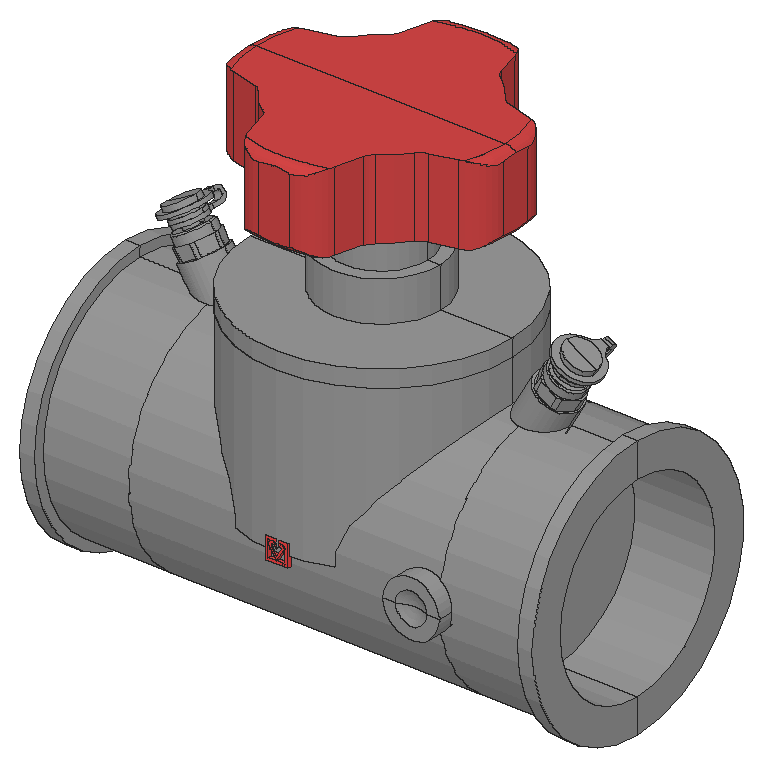
Revit family "HERZ Strömax клапан балансировочный с измерительными клапанами 4217 GM", category Rohrzubehör, Revit 2018
Family settings
  Bemaßung runder Anschluss = Durchmesser verwenden
  Teiletyp = Unterbricht
  OmniClass-Nummer = 23.65.55.14
  OmniClass-Titel = Valves for Liquid Services
  Arbeitsebenenbasiert = Nein
  Immer vertikal = Ja
  Beim Laden mit Abzugskörper schneiden = Nein
  Gemeinsam genutzt = Nein
Parameters
  Среда = "Качество теплоносителя в соответствии с ÖNORM H5195 и VDI 2035.\r\nДопускается использование этилен- и пропиленгликоля в соотношении 25-50% с водой."
  Положение клапана при монтаже = "Неподнимающийся шпиндель, расположенный перпендикулярно оси клапана, обеспечивает доступность и лёгкость в обслуживании в любом монтажном положении."
  Область применения = "Балансировочные клапаны применяются для гидравлической балансировки систем отопления и охлаждения, регулировки магистральных трубопроводов, стояков, теплообменников, регистров отопления и охлаждения."
  Номер заказа [instance] = size_lookup("4217_GM_", "Artnr", 0, Nennweite)  # 1421708
  Макс. рабочее давление = 1600000.0 Pa  # constant formula
  Макс. рабочая температура (с DN40) = 110 °C  # constant formula
  Макс. рабочая температура (до DN32) = 130 °C  # constant formula
  Корпус = "латунь, устойчивая к селективной цинковой коррозии"  # constant formula
  Исполнение = "STRÖMAX-GM Балансировочный клапан с измерительными клапанами, 1/2′′ – 3′′.\r\nИсполнение с прямым невыдвижным шпинделем, муфта х муфта, латунный корпус без покрытия, уплотнение шпинделя двойным кольцевым уплотнением O-Ring, преднастройка посредством ограничения хода внутреннего шпинделя, цифровые показания степени настройки отображаются в окне маховика.\r\nДва измерительных клапана расположены рядом с маховиком."
  Измерение перепада давления = "Клапаны STRÖMAX-GM оснащен двумя измерительными клапанами:\r\nс помощью измерительного прибора можно измерить перепад давления и по нему определить текущий расход в зависимости от степени преднастройки.\r\nHERZ Измерительный компьютер (1 8900 05) позволяет напрямую считывать расход (см. руководство к измерительным приборам)."
  kvs-значения [instance] = if(Nennweite = 15.00 mm, 6.05, if(Nennweite = 20.00 mm, 6.11, if(Nennweite = 25.00 mm, 9.22, if(Nennweite = 32.00 mm, 18.83, if(Nennweite = 40.00 mm, 23.29, if(Nennweite = 50.00 mm, 35.26, if(Nennweite = 65.00 mm, 52.11, if(Nennweite = 80.00 mm, 76.1, 0))))))))  # 76.1
  W02 = 60.00°  # constant formula
  W01 = 30.00°  # constant formula
  URL = "www.herz-armaturen.ru"
  SC_NennweiteBerechnet = 0
  SC_Dimension = ""
  SCRNSEQ = "ARM;ARM_TYP=\"STRV\";2"
  SCRNCODE = "05;07;02"  # constant formula
  S02 = 60.00 mm  # constant formula
  S01 [instance] = H00 + H01  # 119.31 mm
  R01 [instance] = size_lookup("4217_GM_", "R1", 1.00 mm, Nennweite)  # 53.00 mm
  Nennweite [instance] = 80.00 mm
  ML02 [instance] = size_lookup("4217_GM_", "ML2", 1.00 mm, Nennweite)  # 70.50 mm
  ML01 [instance] = size_lookup("4217_GM_", "ML1", 1.00 mm, Nennweite)  # 37.35 mm
  MD01 = 9.50 mm  # constant formula
  L02 [instance] = size_lookup("4217_GM_", "L2", 1.00 mm, Nennweite)  # 6.00 mm
  L01 [instance] = size_lookup("4217_GM_", "L1", 1.00 mm, Nennweite)  # 41.30 mm
  L00 [instance] = size_lookup("4217_GM_", "L", 1.00 mm, Nennweite)  # 210.00 mm
  IG [instance] = Nennweite / 2  # 40.00 mm
  Hersteller = "HERZ Armaturen Ges.m.b.H."  # constant formula
  H04 [instance] = size_lookup("4217_GM_", "H4", 1.00 mm, Nennweite)  # 19.00 mm
  H03 = 10.00 mm  # constant formula
  H02 [instance] = size_lookup("4217_GM_", "H2", 1.00 mm, Nennweite)  # 7.00 mm
  H01 [instance] = size_lookup("4217_GM_", "H1", 1.00 mm, Nennweite)  # 52.60 mm
  H00 [instance] = size_lookup("4217_GM_", "H", 1.00 mm, Nennweite)  # 66.71 mm
  Вес [instance] = if(Nennweite = 15.00 mm, "0.85 kg", if(Nennweite = 20.00 mm, "1.22 kg", if(Nennweite = 25.00 mm, "1.55 kg", if(Nennweite = 32.00 mm, "1.88 kg", if(Nennweite = 40.00 mm, "2.34 kg", if(Nennweite = 50.00 mm, "3.74 kg", if(Nennweite = 65.00 mm, "5.23 kg", if(Nennweite = 80.00 mm, "6.97 kg", "0 kg"))))))))  # "6.97 kg"
  GT [instance] = size_lookup("4217_GM_", "GT", 1.00 mm, Nennweite)  # 33.30 mm
  DN80 [instance] = Nennweite = 80.00 mm  # yes
  DN65 [instance] = Nennweite = 65.00 mm  # no
  DN50_DN80 [instance] = or(Nennweite = 50.00 mm, Nennweite = 65.00 mm, Nennweite = 80.00 mm)  # yes
  DN50-DN80 [instance] = H00 + H01  # 119.31 mm
  DN50 [instance] = Nennweite = 50.00 mm  # no
  DN40 [instance] = Nennweite = 40.00 mm  # no
  DN32 [instance] = Nennweite = 32.00 mm  # no
  DN25 [instance] = Nennweite = 25.00 mm  # no
  DN20 [instance] = Nennweite = 20.00 mm  # no
  DN15_DN40 [instance] = or(Nennweite = 15.00 mm, Nennweite = 20.00 mm, Nennweite = 25.00 mm, Nennweite = 32.00 mm, Nennweite = 40.00 mm)  # no
  DN15-DN40 [instance] = H00 + H01  # 119.31 mm
  DN15 [instance] = Nennweite = 15.00 mm  # no
  D06 [instance] = size_lookup("4217_GM_", "D6", 1.00 mm, Nennweite)  # 24.30 mm
  D05 [instance] = size_lookup("4217_GM_", "D5", 1.00 mm, Nennweite)  # 19.00 mm
  D04 = 9.00 mm  # constant formula
  D03 [instance] = size_lookup("4217_GM_", "D3", 1.00 mm, Nennweite)  # 53.80 mm
  D02 [instance] = size_lookup("4217_GM_", "D2", 1.00 mm, Nennweite)  # 54.00 mm
  D01 [instance] = size_lookup("4217_GM_", "D1", 1.00 mm, Nennweite)  # 50.00 mm
Reference planes
  plane 1 "Mitte (Vorne/hinten)": y = 0
  plane 2: z = 0
  plane 3 "Mitte (Links/rechts)": x = 0
Forms (mm)
  Revolve 1, solid, material "Messing, weicher Gelbton, geschweißt", detail levels fine
    sketch origin (0, 0, 0) x (1, 0, 0) y (0, 0, 1)
      loop
        line (-105, 54) -> (-105, 40) -> (-71.7, 40) -> (-71.7, 0) -> (71.7, 0) -> (71.7, 40) -> (105, 40) -> (105, 54) -> (99, 54) -> (99, 50) -> (63.7, 50)
        arc (63.7, 50) -> (0, 53) -> (-63.7, 50) r 677.782
        line (-63.7, 50) -> (-99, 50) -> (-99, 54) -> (-105, 54)
      axis (-105, 0) -> (105, 0)
    angle from 0 to 360
  Revolve 2, solid, material "Messing, weicher Gelbton, geschweißt", detail levels fine
    sketch origin (0, 0, 0) x (1, 0, 0) y (0, 0, 1)
      loop
        line (37.35, 0) -> (72.6, 61.055) -> (64.373, 65.805) -> (29.123, 4.75) -> (37.35, 0)
      axis (37.35, 0) -> (72.6, 61.055)
    angle from 0 to 360
  Revolve 3, solid, material "Messing, weicher Gelbton, geschweißt", detail levels fine
    sketch origin (0, 0, 0) x (1, 0, 0) y (0, 0, 1)
      loop
        line (0, 0) -> (0, 66.71) -> (-53.8, 66.71) -> (-53.8, 0) -> (0, 0)
      axis (0, 66.71) -> (0, 0)
    angle from 0 to 360
  Revolve 4, solid, material "Messing, weicher Gelbton, geschweißt", detail levels fine
    sketch origin (0, 0, 0) x (-1, 0, 0) y (0, 0, 1)
      loop
        line (37.35, 0) -> (72.6, 61.055) -> (64.373, 65.805) -> (29.123, 4.75) -> (37.35, 0)
      axis (37.35, 0) -> (72.6, 61.055)
    angle from 0 to 360
  Revolve 5, solid, material "Messing, weicher Gelbton, geschweißt", visible <- "DN65", detail levels fine
    sketch origin (0, 0, 0) x (1, 0, 0) y (0, 1, 0)
      loop
        line (60, 47.945) -> (60, -47.945)
        arc (60, -47.945) -> (63.368, -48.598) -> (66.5, -50) r 15
        line (66.5, -50) -> (71.5, -50) -> (71.5, 50) -> (66.5, 50)
        arc (66.5, 50) -> (63.368, 48.598) -> (60, 47.945) r 15
      axis (60, 50) -> (60, -50)
    angle from 0 to 360
  Revolve 6, solid, material "Messing, weicher Gelbton, geschweißt", detail levels fine
    sketch origin (0, 0, 0) x (1, 0, 0) y (0, 0, 1)
      loop
        line (0, 66.71) -> (0, 119.31) -> (-9, 119.31) -> (-9, 109.31) -> (-19, 109.31) -> (-19, 90.31) -> (-24.3, 90.31) -> (-24.3, 73.71) -> (-53.8, 73.71) -> (-53.8, 66.71) -> (0, 66.71)
      axis (0, 119.31) -> (0, 66.71)
    angle from 0 to 360
  Revolve 7, solid, material "Messing, weicher Gelbton, geschweißt", visible <- "DN80", detail levels fine
    sketch origin (0, 0, 0) x (1, 0, 0) y (0, 1, 0)
      loop
        line (57, 53.945) -> (57, -53.945)
        arc (57, -53.945) -> (60.368, -54.598) -> (63.5, -56) r 15
        line (63.5, -56) -> (68.5, -56) -> (68.5, 56) -> (63.5, 56)
        arc (63.5, 56) -> (60.368, 54.598) -> (57, 53.945) r 15
      axis (57, 56) -> (57, -56)
    angle from 0 to 360
Lines and regions (mm)
  model lines, detail levels coarse+medium
    curve 1: line (-105, 0, 54) -> (-105, 0, -54)
    curve 2: line (-105, 0, -54) -> (105, 0, 54)
    curve 3: line (105, 0, 54) -> (105, 0, -54)
    curve 4: line (105, 0, -54) -> (-105, 0, 54)
    curve 5: line (0, 0, 0) -> (68.884, 0, 119.31)
    curve 6: line (42.903, 0, 134.31) -> (94.864, 0, 104.31)
    curve 7: line (-105, 54, 0) -> (-105, -54, 0)
    curve 8: line (-105, -54, 0) -> (105, 54, 0)
    curve 9: line (105, 54, 0) -> (105, -54, 0)
    curve 10: line (105, -54, 0) -> (-105, 54, 0)
    curve 11: line (0, 0, 0) -> (68.884, 119.31, 0)
    curve 12: line (42.903, 134.31, 0) -> (94.864, 104.31, 0)
Dimensions and locks
  "IG": Revolve 1 sketch curve to plane 2
  "GT": Revolve 1 sketch curve to Revolve 1 sketch curve  (x2)
  "IG": Revolve 1 sketch curve to Revolve 1 sketch curve
  "D01": Revolve 1 sketch curve to Revolve 1 sketch curve  (x2)
  "R01": Revolve 1 sketch curve to Revolve 1 sketch curve
  "L02": Revolve 1 sketch curve to Revolve 1 sketch curve  (x2)
  "L01": Revolve 1 sketch curve to Revolve 1 sketch curve  (x2)
  "D02": Revolve 1 sketch curve to plane 2  (x2)
  equal spacing: Revolve 1 sketch curve, plane 3 "Mitte (Links/rechts)", Revolve 1 sketch curve
  "L00": Revolve 1 sketch curve to Revolve 1 sketch curve
  "R01": nested 1 to plane 1 "Mitte (Vorne/hinten)"
  "ML01": Revolve 2 sketch curve to plane 3 "Mitte (Links/rechts)"
  "H00": Revolve 3 sketch curve to plane 2
  "D03": Revolve 3 sketch curve to Revolve 3 sketch curve
  "ML02": Revolve 2 sketch curve to Revolve 2 sketch curve
  "MD01": Revolve 2 sketch curve to Revolve 2 sketch curve  (x2)
  "ML02": Revolve 4 sketch curve to Revolve 4 sketch curve
  "MD01": Revolve 4 sketch curve to Revolve 4 sketch curve  (x2)
  "ML01": plane 3 "Mitte (Links/rechts)" to Revolve 4 sketch curve
  Revolve 5 sketch curve to Revolve 1 = 45.00 mm
  Revolve 5 sketch curve to Revolve 5 sketch curve = 11.50 mm  (x2)
  Revolve 5 sketch curve to plane 1 "Mitte (Vorne/hinten)" to Revolve 5 sketch curve = 50.00 mm, 50.00 mm
  "H00": Revolve 6 sketch curve to plane 2
  "H01": Revolve 6 sketch curve to Revolve 6 sketch curve
  "D04": Revolve 6 sketch curve to Revolve 6 sketch curve
  "D03": Revolve 6 sketch curve to Revolve 6 sketch curve
  "D05": Revolve 6 sketch curve to Revolve 6 sketch curve
  "D06": Revolve 6 sketch curve to Revolve 6 sketch curve
  "H02": Revolve 6 sketch curve to Revolve 6 sketch curve
  "H03": Revolve 6 sketch curve to Revolve 6 sketch curve
  "H04": Revolve 6 sketch curve to Revolve 6 sketch curve
  Revolve 7 sketch curve to Revolve 1 = 48.00 mm
  Revolve 7 sketch curve to Revolve 7 sketch curve = 11.50 mm  (x2)
  Revolve 7 sketch curve to plane 1 "Mitte (Vorne/hinten)" to Revolve 7 sketch curve = 56.00 mm, 56.00 mm
  "DN15-DN40": nested 2 to plane 2
  "DN50-DN80": nested 3 to plane 2
  "D02": curve 4 to plane 2 to curve 2
  "D02": curve 3 to plane 2 to curve 4
  equal spacing: curve 1, plane 3 "Mitte (Links/rechts)", curve 3
  "L00": curve 1 to curve 3
  equal spacing: Revolve 1, curve 5, Revolve 1
  "S01": curve 5 to plane 2
  equal spacing: curve 6, curve 5, curve 6
  "S02": curve 6 to curve 6
  "D02": curve 8 to plane 1 "Mitte (Vorne/hinten)" to curve 10
  "D02": curve 10 to plane 1 "Mitte (Vorne/hinten)" to curve 9
  equal spacing: curve 7, plane 3 "Mitte (Links/rechts)", curve 9
  "L00": curve 7 to curve 9
  equal spacing: curve 7, curve 11, curve 9
  "S01": plane 1 "Mitte (Vorne/hinten)" to curve 11
  equal spacing: curve 12, curve 11, curve 12
  "S02": curve 12 to curve 12
  radius of Revolve 5 sketch curve = 15.00 mm  (x2)
  radius of Revolve 7 sketch curve = 15.00 mm  (x2)
  "W01": angle Revolve 2 sketch curve to plane 3 "Mitte (Links/rechts)"  (x2)
  "W01": angle plane 3 "Mitte (Links/rechts)" to Revolve 4 sketch curve  (x2)
  "W02": angle plane 2 to curve 5
  "W02": angle plane 1 "Mitte (Vorne/hinten)" to curve 11
  aligned and locked: level to plane 2
Automatic sketch dimensions
  Revolve 5 sketch curve to Revolve 5 sketch curve = 1.153 mm  (x2)
  Revolve 5 sketch curve to Revolve 5 sketch curve = 5.00 mm  (x2)
  Revolve 5 sketch curve to Revolve 5 sketch curve = 2.854 mm  (x2)
  Revolve 7 sketch curve to Revolve 7 sketch curve = 1.153 mm  (x2)
  Revolve 7 sketch curve to Revolve 7 sketch curve = 5.00 mm  (x2)
  Revolve 7 sketch curve to Revolve 7 sketch curve = 8.854 mm  (x2)
  Revolve 1 sketch curve to level = 0.00 mm  (x2)
  Revolve 1 sketch curve to Revolve 1 sketch curve = 1429.986 mm
  Revolve 1 sketch curve to Revolve 1 sketch curve = 1762.604 mm
  Revolve 2 sketch curve to level = 0.00 mm  (x2)
  Revolve 3 sketch curve to level = 0.00 mm
  Revolve 3 sketch curve to plane 3 "Mitte (Links/rechts)" = 0.00 mm  (x2)
  Revolve 3 sketch curve to Revolve 3 sketch curve = 366.045 mm
  Revolve 3 sketch curve to Revolve 3 sketch curve = 2179.415 mm
  Revolve 4 sketch curve to level = 0.00 mm  (x2)
  Revolve 6 sketch curve to plane 3 "Mitte (Links/rechts)" = 0.00 mm  (x2)
  Revolve 6 sketch curve to level = 366.045 mm
  Revolve 6 sketch curve to Revolve 6 sketch curve = 2146.115 mm
Nested families
  nested 1: "Herz-Logo-vorne" at (0, -53, 0) x (0, 1, 0) z (0, 0, 1), type "Herz-Logo-vorne", detail levels fine
  nested 2: "Strangregulierventil-Handrad-Gerade (Rot) DN15-DN40" at (0, 0, 119.31), visible <- "DN15_DN40", type "Strangregulierventil-Handrad-Gerade (Rot) DN15-DN40", detail levels fine
    with Nennweite 0.00 mm, Gewicht 0.00 kg, Bestellnummer 0
  nested 3: "Strangregulierventil-Handrad-Gerade (Rot) DN50-DN80" at (0, 0, 119.31), visible <- "DN50_DN80", type "Strangregulierventil-Handrad-Gerade (Rot) DN50-DN80", detail levels fine
    with Nennweite 0.00 mm, Gewicht 0.00 kg, Bestellnummer 0
  nested 4: "Messstutzen_Band_Austritt_30Grad_(oben)" at (47.24, 0, 34.901), visible <- "DN50", type "Messstutzen_Band_Austritt_30Grad_(oben)", detail levels fine
    with Schutzkappe yes, Nennweite 0.00 mm, Gewicht 0.00 kg, Bestellnummer 0
  nested 5: "Messstutzen_Band_Eintritt_30Grad_(oben)" at (-47.24, 0, 34.901) x (-1, 0, 0) z (0, 0, 1), visible <- "DN50", type "Messstutzen_Band_Eintritt_30Grad_(oben)", detail levels fine
    with Schutzkappe yes, Nennweite 0.00 mm, Gewicht 0.00 kg, Bestellnummer 0
  nested 6: "Messstutzen_Band_Austritt_30Grad_(oben)" at (27.02, 0, 10.999), visible <- "DN15", type "Messstutzen_Band_Austritt_30Grad_(oben)", detail levels fine
    with Schutzkappe yes, Nennweite 0.00 mm, Gewicht 0.00 kg, Bestellnummer 0
  nested 7: "Messstutzen_Band_Eintritt_30Grad_(oben)" at (-27.02, 0, 10.999) x (-1, 0, 0) z (0, 0, 1), visible <- "DN15", type "Messstutzen_Band_Eintritt_30Grad_(oben)", detail levels fine
    with Schutzkappe yes, Nennweite 0.00 mm, Gewicht 0.00 kg, Bestellnummer 0
  nested 8: "Messstutzen_Band_Eintritt_30Grad_(oben)" at (-24.855, 0, 13.553) x (-1, 0, 0) z (0, 0, 1), visible <- "DN20", type "Messstutzen_Band_Eintritt_30Grad_(oben)", detail levels fine
    with Schutzkappe yes, Nennweite 0.00 mm, Gewicht 0.00 kg, Bestellnummer 0
  nested 9: "Messstutzen_Band_Austritt_30Grad_(oben)" at (24.855, 0, 13.553), visible <- "DN20", type "Messstutzen_Band_Austritt_30Grad_(oben)", detail levels fine
    with Schutzkappe yes, Nennweite 0.00 mm, Gewicht 0.00 kg, Bestellnummer 0
  nested 10: "Messstutzen_Band_Eintritt_30Grad_(oben)" at (-29.265, 0, 17.883) x (-1, 0, 0) z (0, 0, 1), visible <- "DN25", type "Messstutzen_Band_Eintritt_30Grad_(oben)", detail levels fine
    with Schutzkappe yes, Nennweite 0.00 mm, Gewicht 0.00 kg, Bestellnummer 0
  nested 11: "Messstutzen_Band_Austritt_30Grad_(oben)" at (29.265, 0, 17.883), visible <- "DN25", type "Messstutzen_Band_Austritt_30Grad_(oben)", detail levels fine
    with Schutzkappe yes, Nennweite 0.00 mm, Gewicht 0.00 kg, Bestellnummer 0
  nested 12: "Messstutzen_Band_Eintritt_30Grad_(oben)" at (-37.74, 0, 24.595) x (-1, 0, 0) z (0, 0, 1), visible <- "DN32", type "Messstutzen_Band_Eintritt_30Grad_(oben)", detail levels fine
    with Schutzkappe yes, Nennweite 0.00 mm, Gewicht 0.00 kg, Bestellnummer 0
  nested 13: "Messstutzen_Band_Austritt_30Grad_(oben)" at (37.74, 0, 24.595), visible <- "DN32", type "Messstutzen_Band_Austritt_30Grad_(oben)", detail levels fine
    with Schutzkappe yes, Nennweite 0.00 mm, Gewicht 0.00 kg, Bestellnummer 0
  nested 14: "Messstutzen_Band_Eintritt_30Grad_(oben)" at (-42.8, 0, 28.665) x (-1, 0, 0) z (0, 0, 1), visible <- "DN40", type "Messstutzen_Band_Eintritt_30Grad_(oben)", detail levels fine
    with Schutzkappe yes, Nennweite 0.00 mm, Gewicht 0.00 kg, Bestellnummer 0
  nested 15: "Messstutzen_Band_Austritt_30Grad_(oben)" at (42.8, 0, 28.665), visible <- "DN40", type "Messstutzen_Band_Austritt_30Grad_(oben)", detail levels fine
    with Schutzkappe yes, Nennweite 0.00 mm, Gewicht 0.00 kg, Bestellnummer 0
  nested 16: "Messstutzen_Band_Eintritt_30Grad_(oben)" at (-54.5, 0, 38.105) x (-1, 0, 0) z (0, 0, 1), visible <- "DN65", type "Messstutzen_Band_Eintritt_30Grad_(oben)", detail levels fine
    with Schutzkappe yes, Nennweite 0.00 mm, Gewicht 0.00 kg, Bestellnummer 0
  nested 17: "Messstutzen_Band_Austritt_30Grad_(oben)" at (54.5, 0, 38.105), visible <- "DN65", type "Messstutzen_Band_Austritt_30Grad_(oben)", detail levels fine
    with Schutzkappe yes, Nennweite 0.00 mm, Gewicht 0.00 kg, Bestellnummer 0
  nested 18: "Messstutzen_Band_Eintritt_30Grad_(oben)" at (-63.85, 0, 45.899) x (-1, 0, 0) z (0, 0, 1), visible <- "DN80", type "Messstutzen_Band_Eintritt_30Grad_(oben)", detail levels fine
    with Schutzkappe yes, Nennweite 0.00 mm, Gewicht 0.00 kg, Bestellnummer 0
  nested 19: "Messstutzen_Band_Austritt_30Grad_(oben)" at (63.85, 0, 45.899), visible <- "DN80", type "Messstutzen_Band_Austritt_30Grad_(oben)", detail levels fine
    with Schutzkappe yes, Nennweite 0.00 mm, Gewicht 0.00 kg, Bestellnummer 0
Connectors
  piping at (-71.7, 0, 0), diameter 80, driven by "Nennweite"
    settings: on Revolve 1, index 1, connector inside diameter 609.6 mm, connector length 0.00 mm, flow factor 0, pipe flow 0.0 L/s, pressure drop 0.0 Pa, fitting loss kfactor 0, connector angle 0.00°, fixture units 0, engagement length 0.00 mm, angle of deflection 0.00°, flow configuration 0, flow direction 1, fitting loss method 0, system type 29, joint type 0, gender type 0, connector reference index -1, connector utility 0, adjustable connector no, is connector primary yes, connector description ""
  piping at (71.7, 0, 0), diameter 80, driven by "Nennweite"
    settings: on Revolve 1, index 2, connector inside diameter 609.6 mm, connector length 0.00 mm, flow factor 0, pipe flow 0.0 L/s, pressure drop 0.0 Pa, fitting loss kfactor 0, connector angle 0.00°, fixture units 0, engagement length 0.00 mm, angle of deflection 0.00°, flow configuration 0, flow direction 2, fitting loss method 0, system type 29, joint type 0, gender type 0, connector reference index -1, connector utility 0, adjustable connector no, is connector primary no, connector description ""
Definition of nested family "Herz-Logo-vorne"
  Reference planes
    plane 1 "Mitte (Vorne/hinten)": y = 0
    plane 2: z = 0
    plane 3 "Mitte (Links/rechts)": x = 0
  Forms (mm)
    Extrusion 1, solid
      sketch origin (0.732, -0.018, 0.017) x (0, -1, 0) y (0, 0, 1)
        loop
          line (-0.018, -4.517) -> (4.482, -4.517) -> (4.482, 4.483) -> (-4.518, 4.483) -> (-4.518, -4.517) -> (-0.018, -4.517)
        loop
          line (-0.05, -3.48) -> (3.482, -3.48) -> (3.482, 3.483) -> (-3.518, 3.483) -> (-3.518, -3.48) -> (-0.05, -3.48)
        loop
          arc (-0.018, 2.383) -> (-1.543, 3.287) -> (-3.067, 2.383) r 1.738
          arc (-3.067, 2.383) -> (-3.191, 1.899) -> (-3.067, 1.415) r 1.009
          line (-3.067, 1.415) -> (-0.018, -3.281) -> (3.032, 1.415)
          arc (3.032, 1.415) -> (3.156, 1.899) -> (3.032, 2.383) r 1.009
          arc (3.032, 2.383) -> (1.507, 3.287) -> (-0.018, 2.383) r 1.738
        loop
          arc (1.885, 1.272) -> (2.005, 1.675) -> (1.885, 2.079) r 0.74
          arc (1.885, 2.079) -> (1.265, 2.416) -> (0.644, 2.079) r 0.74
          line (0.644, 2.079) -> (-0.018, 0.97) -> (-0.679, 2.079)
          arc (-0.679, 2.079) -> (-1.3, 2.416) -> (-1.921, 2.079) r 0.74
          arc (-1.921, 2.079) -> (-2.04, 1.675) -> (-1.921, 1.272) r 0.74
          line (-1.921, 1.272) -> (-0.018, -1.658) -> (1.885, 1.272)
      from 0 to 1.5
  Dimensions and locks
    aligned and locked: level to plane 2
Definition of nested family "Strangregulierventil-Handrad-Gerade (Rot) DN15-DN40"
  Parameters (values of type "Strangregulierventil-Handrad-Gerade (Rot) DN15-DN40")
    URL = "www.herz-armaturen.at"
    Nennweite [instance] = 0.00 mm
    Manufacturer = "Herz Armaturen GmbH"  # constant formula
    Gewicht [instance] = 0.00 kg
    Bestellnummer [instance] = 0
  Reference planes
    plane 1 "Mitte (Vorne/hinten)": y = 0
    plane 2: z = 0
    plane 3 "Mitte (Links/rechts)": x = 0
  Forms (mm)
    Revolve 1, solid, detail levels fine
      sketch origin (0, 0, 0) x (1, 0, 0) y (0, 0, 1)
        loop
          line (0, 0) -> (0, 24.95) -> (-30.992, 24.95)
          arc (-30.992, 24.95) -> (-34.37, 23.636) -> (-35.973, 20.386) r 5
          line (-35.973, 20.386) -> (-37, 8.65) -> (-35.986, -2.936)
          arc (-35.986, -2.936) -> (-34.383, -6.186) -> (-31.005, -7.5) r 5
          line (-31.005, -7.5) -> (-15, -7.5) -> (-15, 0) -> (0, 0)
        axis (0, 24.95) -> (0, -7.5)
      angle from 0 to 360
    Extrusion 2, void
      sketch origin (0, 0, 20.3) x (1, 0, 0) y (0, 1, 0)
        loop
          line (3.861, 35.5) -> (-3.861, 35.5)
          arc (-3.861, 35.5) -> (-8.731, 33.847) -> (-11.589, 29.571) r 8
          line (-11.589, 29.571) -> (-13.284, 23.245)
          arc (-13.284, 23.245) -> (-13.982, 21.722) -> (-15.144, 20.516) r 5
          arc (-15.144, 20.516) -> (-18.031, 18.031) -> (-20.516, 15.144) r 25.5
          arc (-20.516, 15.144) -> (-21.722, 13.982) -> (-23.245, 13.284) r 5
          line (-23.245, 13.284) -> (-29.571, 11.589)
          arc (-29.571, 11.589) -> (-33.847, 8.731) -> (-35.5, 3.861) r 8
          line (-35.5, 3.861) -> (-35.5, -3.861)
          arc (-35.5, -3.861) -> (-33.847, -8.731) -> (-29.571, -11.589) r 8
          line (-29.571, -11.589) -> (-23.245, -13.284)
          arc (-23.245, -13.284) -> (-21.722, -13.982) -> (-20.516, -15.144) r 5
          arc (-20.516, -15.144) -> (-18.031, -18.031) -> (-15.144, -20.516) r 25.5
          arc (-15.144, -20.516) -> (-13.982, -21.722) -> (-13.284, -23.245) r 5
          line (-13.284, -23.245) -> (-11.589, -29.571)
          arc (-11.589, -29.571) -> (-8.731, -33.847) -> (-3.861, -35.5) r 8
          line (-3.861, -35.5) -> (3.861, -35.5)
          arc (3.861, -35.5) -> (8.731, -33.847) -> (11.589, -29.571) r 8
          line (11.589, -29.571) -> (13.284, -23.245)
          arc (13.284, -23.245) -> (13.982, -21.722) -> (15.144, -20.516) r 5
          arc (15.144, -20.516) -> (18.031, -18.031) -> (20.516, -15.144) r 25.5
          arc (20.516, -15.144) -> (21.722, -13.982) -> (23.245, -13.284) r 5
          line (23.245, -13.284) -> (29.571, -11.589)
          arc (29.571, -11.589) -> (33.847, -8.731) -> (35.5, -3.861) r 8
          line (35.5, -3.861) -> (35.5, 3.861)
          arc (35.5, 3.861) -> (33.847, 8.731) -> (29.571, 11.589) r 8
          line (29.571, 11.589) -> (23.245, 13.284)
          arc (23.245, 13.284) -> (21.722, 13.982) -> (20.516, 15.144) r 5
          arc (20.516, 15.144) -> (18.031, 18.031) -> (15.144, 20.516) r 25.5
          arc (15.144, 20.516) -> (13.982, 21.722) -> (13.284, 23.245) r 5
          line (13.284, 23.245) -> (11.589, 29.571)
          arc (11.589, 29.571) -> (8.731, 33.847) -> (3.861, 35.5) r 8
        loop
          circle (0, 0) r 38
      from -31.266 to 7.923
  Cuts and joins
    Extrusion 2 cuts Revolve 1
  Dimensions and locks
    Revolve 1 sketch curve to Revolve 1 sketch curve = 15.00 mm
    Revolve 1 sketch curve to Revolve 1 sketch curve = 16.15 mm
    Revolve 1 sketch curve to Revolve 1 sketch curve = 16.30 mm
    angle Revolve 1 sketch curve to Revolve 1 sketch curve = 95.00°
    aligned and locked: level to plane 2
Definition of nested family "Strangregulierventil-Handrad-Gerade (Rot) DN50-DN80"
  Parameters (values of type "Strangregulierventil-Handrad-Gerade (Rot) DN50-DN80")
    URL = "www.herz-armaturen.at"
    Nennweite [instance] = 0.00 mm
    Manufacturer = "Herz Armaturen GmbH"  # constant formula
    Gewicht [instance] = 0.00 kg
    Bestellnummer [instance] = 0
  Reference planes
    plane 1 "Mitte (Vorne/hinten)": y = 0
    plane 2: z = 0
    plane 3 "Mitte (Links/rechts)": x = 0
  Forms (mm)
    Revolve 1, solid, detail levels fine
      sketch origin (0, 0, 0) x (1, 0, 0) y (0, 0, 1)
        loop
          line (0, 0) -> (0, 24.95) -> (-50.992, 24.95)
          arc (-50.992, 24.95) -> (-54.37, 23.636) -> (-55.973, 20.386) r 5
          line (-55.973, 20.386) -> (-57, 8.65) -> (-55.986, -2.936)
          arc (-55.986, -2.936) -> (-54.383, -6.186) -> (-51.005, -7.5) r 5
          line (-51.005, -7.5) -> (-15, -7.5) -> (-15, 0) -> (0, 0)
        axis (0, 24.95) -> (0, -7.5)
      angle from 0 to 360
    Extrusion 2, void
      sketch origin (0, 0, 20.3) x (1, 0, 0) y (0, 1, 0)
        loop
          line (-55, 6.292) -> (-55, -6.292)
          arc (-55, -6.292) -> (-52.52, -13.597) -> (-46.106, -17.883) r 12
          line (-46.106, -17.883) -> (-35.399, -20.752)
          arc (-35.399, -20.752) -> (-33.541, -21.612) -> (-32.08, -23.047) r 6
          arc (-32.08, -23.047) -> (-27.931, -27.931) -> (-23.047, -32.08) r 39.5
          arc (-23.047, -32.08) -> (-21.612, -33.541) -> (-20.752, -35.399) r 6
          line (-20.752, -35.399) -> (-17.883, -46.106)
          arc (-17.883, -46.106) -> (-13.597, -52.52) -> (-6.292, -55) r 12
          line (-6.292, -55) -> (6.292, -55)
          arc (6.292, -55) -> (13.597, -52.52) -> (17.883, -46.106) r 12
          line (17.883, -46.106) -> (20.752, -35.399)
          arc (20.752, -35.399) -> (21.612, -33.541) -> (23.047, -32.08) r 6
          arc (23.047, -32.08) -> (27.931, -27.931) -> (32.08, -23.047) r 39.5
          arc (32.08, -23.047) -> (33.541, -21.612) -> (35.399, -20.752) r 6
          line (35.399, -20.752) -> (46.106, -17.883)
          arc (46.106, -17.883) -> (52.52, -13.597) -> (55, -6.292) r 12
          line (55, -6.292) -> (55, 6.292)
          arc (55, 6.292) -> (52.52, 13.597) -> (46.106, 17.883) r 12
          line (46.106, 17.883) -> (35.399, 20.752)
          arc (35.399, 20.752) -> (33.541, 21.612) -> (32.08, 23.047) r 6
          arc (32.08, 23.047) -> (27.931, 27.931) -> (23.047, 32.08) r 39.5
          arc (23.047, 32.08) -> (21.612, 33.541) -> (20.752, 35.399) r 6
          line (20.752, 35.399) -> (17.883, 46.106)
          arc (17.883, 46.106) -> (13.597, 52.52) -> (6.292, 55) r 12
          line (6.292, 55) -> (-6.292, 55)
          arc (-6.292, 55) -> (-13.597, 52.52) -> (-17.883, 46.106) r 12
          line (-17.883, 46.106) -> (-20.752, 35.399)
          arc (-20.752, 35.399) -> (-21.612, 33.541) -> (-23.047, 32.08) r 6
          arc (-23.047, 32.08) -> (-27.931, 27.931) -> (-32.08, 23.047) r 39.5
          arc (-32.08, 23.047) -> (-33.541, 21.612) -> (-35.399, 20.752) r 6
          line (-35.399, 20.752) -> (-46.106, 17.883)
          arc (-46.106, 17.883) -> (-52.52, 13.597) -> (-55, 6.292) r 12
        loop
          circle (0, 0) r 60
      from -31.161 to 7.489
  Cuts and joins
    Extrusion 2 cuts Revolve 1
  Dimensions and locks
    Revolve 1 sketch curve to Revolve 1 sketch curve = 15.00 mm
    Revolve 1 sketch curve to Revolve 1 sketch curve = 16.15 mm
    Revolve 1 sketch curve to Revolve 1 sketch curve = 16.30 mm
    Revolve 1 sketch curve to Revolve 1 sketch curve = 57.00 mm
    angle Revolve 1 sketch curve to Revolve 1 sketch curve = 95.00°
    aligned and locked: level to plane 2
Definition of nested family "Messstutzen_Band_Austritt_30Grad_(oben)"
  Parameters (values of type "Messstutzen_Band_Austritt_30Grad_(oben)")
    URL = "www.herz-armaturen.at"
    Schutzkappe [instance] = yes
    Nennweite [instance] = 0.00 mm
    Manufacturer = "Herz Armaturen GmbH"  # constant formula
    Gewicht [instance] = 0.00 kg
    Bestellnummer [instance] = 0
  Reference planes
    plane 1 "Mitte (Vorne/hinten)": y = 0
    plane 2: z = 0
    plane 3 "Mitte (Links/rechts)": x = 0
  Forms (mm)
    Revolve 1, solid, detail levels fine
      sketch origin (0, 0, 0) x (0.866025, 0, -0.5) y (0.5, 0, 0.866025)
        loop
          line (-7.4, 9) -> (-5.55, 9) -> (-5.55, 6)
          arc (-5.55, 6) -> (-5.626, 5.617) -> (-5.843, 5.293) r 1
          line (-5.843, 5.293) -> (-6.455, 4.681) -> (-6.455, 0.9) -> (-5.555, 0) -> (-2, 0) -> (-2, 17.5) -> (-8.4, 17.5)
          arc (-8.4, 17.5) -> (-7.693, 17.207) -> (-7.4, 16.5) r 1
          line (-7.4, 16.5) -> (-7.4, 9)
        loop
          line (-3.7, 27) -> (-7.3, 27) -> (-7.9, 26.4) -> (-7.9, 23) -> (-2, 23) -> (-2, 35.8) -> (-3.805, 35.8) -> (-4.415, 35.19) -> (-4.415, 30.863) -> (-3.7, 30.45) -> (-3.7, 27)
        axis (0, 0) -> (0, 35.8)
      angle from 0 to 360
    Extrusion 2, solid, detail levels fine
      sketch origin (8.75, 0, 15.155) x (0, 1, 0) y (-0.866025, 0, 0.5)
        loop
          arc (-7.07, 5.156) -> (-7.578, 4.375) -> (-8, 3.544) r 8.75
          line (-8, 3.544) -> (-8, -3.544)
          arc (-8, -3.544) -> (-7.578, -4.375) -> (-7.07, -5.156) r 8.75
          line (-7.07, -5.156) -> (-0.93, -8.7)
          arc (-0.93, -8.7) -> (0, -8.75) -> (0.93, -8.7) r 8.75
          line (0.93, -8.7) -> (7.07, -5.156)
          arc (7.07, -5.156) -> (7.578, -4.375) -> (8, -3.544) r 8.75
          line (8, -3.544) -> (8, 3.544)
          arc (8, 3.544) -> (7.578, 4.375) -> (7.07, 5.156) r 8.75
          line (7.07, 5.156) -> (0.93, 8.7)
          arc (0.93, 8.7) -> (0, 8.75) -> (-0.93, 8.7) r 8.75
          line (-0.93, 8.7) -> (-7.07, 5.156)
      from 0 to 5.5
    Revolve 3, solid, visible <- "Schutzkappe", detail levels fine
      sketch origin (0, 0, 0) x (0.866025, 0, -0.5) y (0.5, 0, 0.866025)
        loop
          line (0, 35.878) -> (0, 36.678) -> (-7, 36.678) -> (-7, 33.378) -> (-6.1, 33.378) -> (-6.1, 31.678) -> (-6.9, 31.678) -> (-6.9, 30.178) -> (-4.415, 30.178) -> (-4.415, 35.268) -> (-3.805, 35.878) -> (0, 35.878)
        axis (0, 30.178) -> (0, 36.678)
      angle from 0 to 360
    Extrusion 4, solid, detail levels fine
      sketch origin (14.25, 0, 24.682) x (0, 1, 0) y (0.866025, 0, -0.5)
        loop
          circle (0, 0) r 3.7
        loop
          arc (5.505, -3.906) -> (7.288, -2.358) -> (9.582, -1.8) r 5
          line (9.582, -1.8) -> (9.582, 1.8)
          arc (9.582, 1.8) -> (7.288, 2.358) -> (5.505, 3.906) r 5
          arc (5.505, 3.906) -> (-6.75, 0) -> (5.505, -3.906) r 6.75
      from 0 to -1.5
    Extrusion 5, solid, detail levels fine
      sketch origin (16.589, 0, 28.733) x (0, 1, 0) y (0.866025, 0, -0.5)
        loop
          circle (0, 0) r 6.1
        loop
          arc (8.652, -4.495) -> (10.493, -2.527) -> (13.089, -1.8) r 5
          line (13.089, -1.8) -> (13.089, 1.8)
          arc (13.089, 1.8) -> (10.493, 2.527) -> (8.652, 4.495) r 5
          arc (8.652, 4.495) -> (-9.75, 0) -> (8.652, -4.495) r 9.75
      from 0 to -1.5
    Sweep 6, solid, detail levels fine
      path origin (1.029, 0.159, 0.98) x (-0.5, 0, -0.866025) y (0, 1, 0)
        loop
          line (-27.75, 9.582) -> (-27.75, 14.522)
          arc (-27.75, 14.522) -> (-30.089, 16.862) -> (-32.428, 14.522) r 2.339
          line (-32.428, 14.522) -> (-32.428, 13.089)
      profile origin (14.904, 12.211, 25.012) x (0.5, 0, 0.866025) y (0.866025, 0, -0.5)
        loop
          line (-0.75, -1.8) -> (0.75, -1.8) -> (0.75, 1.8) -> (-0.75, 1.8) -> (-0.75, -1.8)
  Dimensions and locks
    aligned and locked: level to plane 2
Definition of nested family "Messstutzen_Band_Eintritt_30Grad_(oben)"
  Parameters (values of type "Messstutzen_Band_Eintritt_30Grad_(oben)")
    URL = "www.herz-armaturen.at"
    Schutzkappe [instance] = yes
    Nennweite [instance] = 0.00 mm
    Manufacturer = "Herz Armaturen GmbH"  # constant formula
    Gewicht [instance] = 0.00 kg
    Bestellnummer [instance] = 0
  Reference planes
    plane 1 "Mitte (Vorne/hinten)": y = 0
    plane 2: z = 0
    plane 3 "Mitte (Links/rechts)": x = 0
  Forms (mm)
    Revolve 1, solid, detail levels fine
      sketch origin (0, 0, 0) x (0.866025, 0, -0.5) y (0.5, 0, 0.866025)
        loop
          line (-7.4, 9) -> (-5.55, 9) -> (-5.55, 6)
          arc (-5.55, 6) -> (-5.626, 5.617) -> (-5.843, 5.293) r 1
          line (-5.843, 5.293) -> (-6.455, 4.681) -> (-6.455, 0.9) -> (-5.555, 0) -> (-2, 0) -> (-2, 17.5) -> (-8.4, 17.5)
          arc (-8.4, 17.5) -> (-7.693, 17.207) -> (-7.4, 16.5) r 1
          line (-7.4, 16.5) -> (-7.4, 9)
        loop
          line (-3.7, 27) -> (-7.3, 27) -> (-7.9, 26.4) -> (-7.9, 23) -> (-2, 23) -> (-2, 35.8) -> (-3.805, 35.8) -> (-4.415, 35.19) -> (-4.415, 30.863) -> (-3.7, 30.45) -> (-3.7, 27)
        axis (0, 0) -> (0, 35.8)
      angle from 0 to 360
    Extrusion 2, solid, detail levels fine
      sketch origin (8.75, 0, 15.155) x (0, 1, 0) y (-0.866025, 0, 0.5)
        loop
          arc (-7.07, 5.156) -> (-7.578, 4.375) -> (-8, 3.544) r 8.75
          line (-8, 3.544) -> (-8, -3.544)
          arc (-8, -3.544) -> (-7.578, -4.375) -> (-7.07, -5.156) r 8.75
          line (-7.07, -5.156) -> (-0.93, -8.7)
          arc (-0.93, -8.7) -> (0, -8.75) -> (0.93, -8.7) r 8.75
          line (0.93, -8.7) -> (7.07, -5.156)
          arc (7.07, -5.156) -> (7.578, -4.375) -> (8, -3.544) r 8.75
          line (8, -3.544) -> (8, 3.544)
          arc (8, 3.544) -> (7.578, 4.375) -> (7.07, 5.156) r 8.75
          line (7.07, 5.156) -> (0.93, 8.7)
          arc (0.93, 8.7) -> (0, 8.75) -> (-0.93, 8.7) r 8.75
          line (-0.93, 8.7) -> (-7.07, 5.156)
      from 0 to 5.5
    Revolve 3, solid, visible <- "Schutzkappe", detail levels fine
      sketch origin (0, 0, 0) x (0.866025, 0, -0.5) y (0.5, 0, 0.866025)
        loop
          line (0, 35.878) -> (0, 36.678) -> (-7, 36.678) -> (-7, 33.378) -> (-6.1, 33.378) -> (-6.1, 31.678) -> (-6.9, 31.678) -> (-6.9, 30.178) -> (-4.415, 30.178) -> (-4.415, 35.268) -> (-3.805, 35.878) -> (0, 35.878)
        axis (0, 30.178) -> (0, 36.678)
      angle from 0 to 360
    Extrusion 4, solid, detail levels fine
      sketch origin (14.25, 0, 24.682) x (0, 1, 0) y (0.866025, 0, -0.5)
        loop
          circle (0, 0) r 3.7
        loop
          arc (5.505, -3.906) -> (7.288, -2.358) -> (9.582, -1.8) r 5
          line (9.582, -1.8) -> (9.582, 1.8)
          arc (9.582, 1.8) -> (7.288, 2.358) -> (5.505, 3.906) r 5
          arc (5.505, 3.906) -> (-6.75, 0) -> (5.505, -3.906) r 6.75
      from 0 to -1.5
    Extrusion 5, solid, detail levels fine
      sketch origin (16.589, 0, 28.733) x (0, 1, 0) y (0.866025, 0, -0.5)
        loop
          circle (0, 0) r 6.1
        loop
          arc (8.652, -4.495) -> (10.493, -2.527) -> (13.089, -1.8) r 5
          line (13.089, -1.8) -> (13.089, 1.8)
          arc (13.089, 1.8) -> (10.493, 2.527) -> (8.652, 4.495) r 5
          arc (8.652, 4.495) -> (-9.75, 0) -> (8.652, -4.495) r 9.75
      from 0 to -1.5
    Sweep 6, solid, detail levels fine
      path origin (0.933, -0.183, 1.116) x (-0.5, 0, -0.866025) y (0, 1, 0)
        loop
          line (-27.75, 9.582) -> (-27.75, 14.522)
          arc (-27.75, 14.522) -> (-30.089, 16.862) -> (-32.428, 14.522) r 2.339
          line (-32.428, 14.522) -> (-32.428, 13.089)
      profile origin (14.808, 11.869, 25.148) x (0.5, 0, 0.866025) y (0.866025, 0, -0.5)
        loop
          line (-0.75, -1.8) -> (0.75, -1.8) -> (0.75, 1.8) -> (-0.75, 1.8) -> (-0.75, -1.8)
  Dimensions and locks
    aligned and locked: level to plane 2
